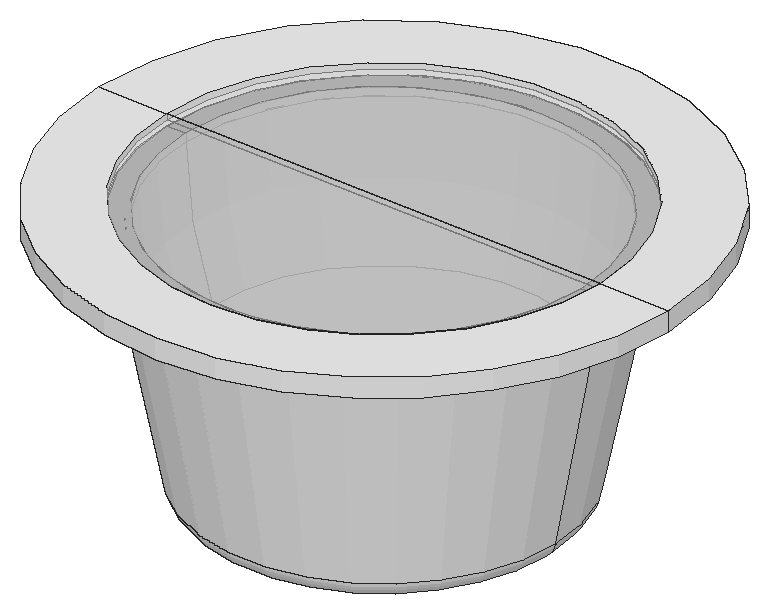
Revit family "2060543+2028036 Sylvania Lighting Fixture ASCENT 100 II ARCH 1000 3K DALI EMG 160 with IP44 Frost Glass", category Lighting Fixtures, host Face, Revit 2016
Family settings
  Host = Face
  Part Type = Normal
  Round Connector Dimension = Use Diameter
  OmniClass Number = 23.80.70.11.17
  OmniClass Title = Specialized Lighting by Location or Use
  Cut with Voids When Loaded = No
  Light Source = Yes
  Shared = No
  Room Calculation Point = No
Parameters (values of type "2060543+2028036 ASCT100 II ARCH 1000 3K DALI EMG 160 with IP44 Frost Glass Emergency mode")
  WidthBezelAcc_SYL = 25.0 mm
  Weight = "1.92 kg"
  Wattage = 1.65741 W
  WarrantyStartDate [instance] = "n/a"
  WarrantyGuarantorParts = "n/a"
  WarrantyDurationUnit = "n/a"
  WarrantyDurationParts = "n/a"
  WarrantyDescription = "n/a"
  built-in parameter 1150110 = 1 (stored number, unit not read)
  Voltage = 0 V
  VisibilityAccessory_SYL = yes
  TypeName = "ASCT100 II ARCH 1000 3K DALI EMG 160 with IP44 Frost Glass Emergency mode"
  built-in parameter 1114217 = 1 (stored number, unit not read)
  Tilt Angle = -90°
  built-in parameter 1150109 = 1 (stored number, unit not read)
  built-in parameter 1150134 = (empty or 0)
  built-in parameter 1150113 = 1 (stored number, unit not read)
  SerialNumber [instance] = "n/a"
  ReflectorRadius_SYL = Radius_SYL - 14.5 mm  # 80.0 mm
  RadiusAcc_SYL = 105.0 mm
  Radius_SYL = 94.5 mm
  URL = "http://www.sylvania-lighting.com"
  PowerFactor = 0
  PowerConsumption = "9 W"
  Photometric Web File = "2060543EM.ies"
  NominalWidth = 0.0 mm
  NominalLength = 0.0 mm
  NominalHeight = 94.0 mm
  Name = "ASCT100 II ARCH 1000 3K DALI EMG 160 with IP44 Frost Glass Emergency mode"
  ModelReference = "ASCT100 II ARCH 1000 3K DALI EMG 160 with IP44 Frost Glass Emergency mode"
  ModelNumber = "2060543+2028036"
  Material_4_SYL = none
  Material_3_SYL = Polycarbonate_Sylvania_Ascent_Clear
  Material_2_SYL = Aluminium_Sylvania_Ascent_Silver
  Material_1_SYL = Aluminum_Sylvania_Ascent_White
  Material = "aluminium housing, arcylic diffuser"
  ManufacturerName = "Feilo Sylvania"
  LuminousEfficacy = "108 lm/W"
  built-in parameter 1150105 = 14.244 (stored number, unit not read)
  Lumens = 179 lm
  LuminaireType = ""
  built-in parameter 1150115 = 1 (stored number, unit not read)
  LightOutputRatio = "100"
  built-in parameter 1150137 = (empty or 0)
  built-in parameter 1150139 = (empty or 0)
  LampsType = Lamp  # "LED"
  LampNominalLuminous = "968 lm"
  LampMacAdamStep = "3"
  LampColourTemperature = "3000 K"
  LampColourRenderingIndex = "80"
  built-in parameter 1150112 = 1 (stored number, unit not read)
  built-in parameter 1150114 = 1 (stored number, unit not read)
  Keynote = "16500"
  InstallationDate [instance] = "n/a"
  InputVoltage = "n/a"
  InputNominalFrequency = "n/a"
  built-in parameter 1150132 = (empty or 0)
  built-in parameter 1150102 = (empty or 0)
  built-in parameter 1150107 = 3000 (stored number, unit not read)
  built-in parameter 1150138 = (empty or 0)
  IngressProtection = "IP44"
  ImpactProtectionIndex = "IK02"
  built-in parameter 1150106 = 0.14244 (stored number, unit not read)
  IfcExportType = "IfcLightFixtureType"
  IfcExportAs = "IfcLightFixtureType"
  Height_SYL = 94.0 mm
  HeightAcc_SYL = 7.0 mm
  ExpectedLife = 50000
  EmittionSurface_SYL = if(VisibilityAccessory_SYL, 7.0 mm, 3.0 mm)  # 7.0 mm
  Emit from Circle Diameter = DiffuserRadius_SYL * 2  # 146.0 mm
  Emit Shape Visible in Rendering = no
  ElectricShockClassification = "Class II"
  built-in parameter 1150104 = 10.034 (stored number, unit not read)
  DurationUnit = "hours"
  DocumentationLiterature = "http://www.sylvania-lighting.com/product/en-int/products/2060543"
  DimmingControlOptions = "n/a"
  Dimming Lamp Color Temperature Shift = <None>
  DiffuserRadius_SYL = ReflectorRadius_SYL - 7.0 mm  # 73.0 mm
  Diameter_SYL = 2 * Radius_SYL  # 189.0 mm
  CutoutDiameter_SYL = Diameter_SYL - 13.0 mm  # 176.0 mm
  CreatedOn = "9/17/2018"
  CreatedBy = "@sylvania-lighting.com"
  Color Filter = 16777215
  built-in parameter 1114216 [instance] = 1 (stored number, unit not read)
  Model = "ASCT100 II ARCH 1000 3K DALI EMG 160 with IP44 Frost Glass Emergency mode"
  Manufacturer = "Feilo Sylvania"
  Lamp = "LED"
  Description = "Direct LED retro fit for original LED 100 Arch (160) single CFL lamp offering Matching lumen levels and improved light distribution of original LED 100 CFL lamp equivalents Typically half the power consumption compared to CFL Up to 112lm/W 160mm aperture Architectural reflector accepts range of glass accessories from existing LED 100 Arch 160 offering HE, HO and VHO versions equivalent of single 1 x 18W, 1 x 32W, 1 x 42W\r\n Additional VVHO versions which offer the performance circa 2 x 32W equivalent"  # constant formula
  Default Elevation = 0.0 mm
  built-in parameter 1140040 [instance] = 1
  BarCode [instance] = "n/a"
  built-in parameter 1114218 = 1 (stored number, unit not read)
  built-in parameter 1150133 = 10 (stored number, unit not read)
  AssetType = "Fixed"
  AssetIdentifier [instance] = "n/a"
  Assembly Code = "D5020200"
  Apparent Load = 1.65741 VA
  Aperture_SYL = 2 * ReflectorRadius_SYL  # 160.0 mm
Types (2, lengths in mm): name | Wattage | TypeName | Photometric Web File | Name | ModelReference | Material_3_SYL | built-in parameter 1150105 | Lumens | built-in parameter 1150106 | Model | Apparent Load
  2060543+2028036 ASCT100 II ARCH 1000 3K DALI EMG 160 with IP44 Frost Glass Emergency mode | 1.65741 W | "ASCT100 II ARCH 1000 3K DALI EMG 160 with IP44 Frost Glass Emergency mode" | "2060543EM.ies" | "ASCT100 II ARCH 1000 3K DALI EMG 160 with IP44 Frost Glass Emergency mode" | "ASCT100 II ARCH 1000 3K DALI EMG 160 with IP44 Frost Glass Emergency mode" | Polycarbonate_Sylvania_Ascent_Clear | 14.244 (stored number, unit not read) | 179 lm | 0.14244 (stored number, unit not read) | "ASCT100 II ARCH 1000 3K DALI EMG 160 with IP44 Frost Glass Emergency mode" | 1.65741 VA
  2060543+2028036 ASCT100 II ARCH 1000 3K DALI EMG 160 with IP44 Frost Glass | 9 W | "ASCENT 100 II ARCH 1000 3K DALI EMG 160 with IP44 Frost Glass" | "2060543.ies" | "ASCENT 100 II ARCH 1000 3K DALI EMG 160 with IP44 Frost Glass" | "ASCENT 100 II ARCH 1000 3K DALI EMG 160 with IP44 Frost Glass" | Polycarbonate_Sylvania_Ascent_Opal | 77.349 (stored number, unit not read) | 972 lm | 0.77349 (stored number, unit not read) | "ASCENT 100 II ARCH 1000 3K DALI EMG 160 with IP44 Frost Glass" | 9 VA
Reference planes
  plane 1 "Center (Front/Back)": y = 0
  plane 2: z = 0
  plane 3 "Center (Left/Right)": x = 0
  plane 4 "Fixture Bottom": z = 3
  plane 5: z = -52.5
  plane 6 "Fixture Top": z = -91
  plane 7: x = -105
  plane 8: z = 7
  plane 9: x = -80
  plane 10: z = 5
  plane 11: x = -103
Forms (mm)
  Extrusion 1, solid, material "Aluminum_Sylvania_Ascent_White", detail levels fine
    sketch origin (0, 0, 0) x (1, 0, 0) y (0, 1, 0)
      loop
        circle (0, 0) r 94.5
      loop
        circle (0, 0) r 80
    from 0 to 3
  Extrusion 2, void
    sketch origin (0, 0, 0) x (1, 0, 0) y (0, 1, 0)
      loop
        circle (0, 0) r 88
    from -91 to 3
  Revolve 3, solid, material "Aluminum_Sylvania_Ascent_White" <- "Material_1_SYL", detail levels fine
    sketch origin (0, 0, 0) x (1, 0, 0) y (0, 0, 1)
      loop
        line (0, -91.073) -> (0, -89.023) -> (-55.468, -89.014)
        arc (-55.468, -89.014) -> (-59.352, -87.613) -> (-61.54, -84.139) r 6.307
        line (-61.54, -84.139) -> (-77.991, -2.844) -> (-77.991, 0) -> (-80, 0) -> (-80, -3) -> (-63.5, -84.536)
        arc (-63.5, -84.536) -> (-60.643, -89.203) -> (-55.5, -91.073) r 8.291
        line (-55.5, -91.073) -> (0, -91.073)
      axis (0, 0) -> (0, -91.073)
    angle from 0 to 360
  Revolve 4, solid, material "Aluminium_Sylvania_Ascent_Silver" <- "Material_2_SYL", detail levels fine
    sketch origin (0, 0, 0) x (1, 0, 0) y (0, 0, 1)
      loop
        line (-80, 3) -> (-80, 0) -> (-75, 0)
        arc (-75, 0) -> (-72.349, -26.77) -> (-64.5, -52.5) r 136.5
        line (-64.5, -52.5) -> (-58, -52.5)
        arc (-58, -52.5) -> (-56.857, -61.521) -> (-53.5, -69.971) r 36.166
        line (-53.5, -69.971) -> (0, -69.971) -> (0, -50.5) -> (-63.16, -50.5)
        arc (-63.16, -50.5) -> (-70.517, -25.725) -> (-73, 0) r 134.5
        line (-73, 0) -> (-73, 3) -> (-80, 3)
      axis (0, 3) -> (0, -69.971)
    angle from 0 to 360
  Extrusion 5, solid, material "Polycarbonate_Sylvania_Ascent_Clear" <- "Material_3_SYL", detail levels fine
    sketch origin (0, 0, 0) x (1, 0, 0) y (0, 1, 0)
      loop
        circle (0, 0) r 73
    from 0 to 3
  Revolve 6, solid, material "Aluminum_Sylvania_Ascent_White" <- "Material_1_SYL", detail levels coarse+medium
    sketch origin (0, 0, 0) x (1, 0, 0) y (0, 0, 1)
      loop
        line (0, -91.073) -> (0, 3) -> (-94.5, 3) -> (-94.5, 0) -> (-79.5, 0) -> (-79.5, -3) -> (-63, -84.536)
        arc (-63, -84.536) -> (-60.143, -89.203) -> (-55, -91.073) r 8.291
        line (-55, -91.073) -> (0, -91.073)
      axis (0, 3) -> (0, -91.073)
    angle from 0 to 360
  Revolve 7, solid, material "Aluminum_Sylvania_Ascent_White" <- "Material_1_SYL", visible <- "VisibilityAccessory_SYL"
    sketch origin (0, 0, 0) x (1, 0, 0) y (0, 0, 1)
      loop
        line (-105, 0) -> (-103, 0) -> (-103, 5) -> (-80, 5) -> (-80, 7) -> (-105, 7) -> (-105, 0)
      axis (0, 7) -> (0, 0)
    angle from 0 to 360
  Revolve 8, solid, material "Polycarbonate_Sylvania_Ascent_Clear" <- "Material_3_SYL", visible <- "VisibilityAccessory_SYL"
    sketch origin (0, 0, 0) x (1, 0, 0) y (0, 0, 1)
      loop
        line (-80, 7) -> (-80, 5) -> (0, 5) -> (0, 7) -> (-80, 7)
      axis (0, 7) -> (0, 5)
    angle from 0 to 360
Lines and regions (mm)
  reference lines
    curve 1: line (-150, 0, 7) -> (125, 0, 7)
Dimensions and locks
  locked: plane 4 "Fixture Bottom" to plane 2 at 3
  "Height_SYL": plane 4 "Fixture Bottom" to plane 6 "Fixture Top"
  "ReflectorRadius_SYL": plane 3 "Center (Left/Right)" to Revolve 4 sketch curve
  locked: Revolve 4 sketch curve to Revolve 4 sketch curve at 15.5
  locked: Revolve 4 sketch curve to Revolve 4 sketch curve at 5
  locked: Revolve 4 sketch curve to Revolve 4 sketch curve at 7
  locked: Revolve 4 sketch curve to Revolve 4 sketch curve at 22
  locked: Revolve 4 sketch curve to Revolve 4 sketch curve at 26.5
  locked: Revolve 3 sketch curve to Revolve 3 sketch curve at 16.5
  locked: Revolve 3 sketch curve to Revolve 3 sketch curve at 24.5
  "ReflectorRadius_SYL": Revolve 3 sketch curve to plane 3 "Center (Left/Right)"
  locked: Revolve 3 sketch curve to plane 6 "Fixture Top" at 6.464
  locked: plane 2 to Revolve 3 sketch curve at 3
  locked: Revolve 3 sketch curve to Revolve 3 sketch curve at 2
  locked: Revolve 3 sketch curve to Revolve 3 sketch curve at 2.009
  locked: plane 2 to plane 5 at 52.5
  locked: Revolve 6 sketch curve to Revolve 6 sketch curve at 31.5
  locked: Revolve 6 sketch curve to Revolve 6 sketch curve at 39.5
  locked: Revolve 6 sketch curve to Revolve 6 sketch curve at 15
  "Radius_SYL": plane 3 "Center (Left/Right)" to Revolve 6 sketch curve
  "RadiusAcc_SYL": plane 3 "Center (Left/Right)" to plane 7
  "HeightAcc_SYL": plane 8 to level
  "WidthBezelAcc_SYL": plane 7 to plane 9
  locked: plane 7 to plane 11 at 2
  locked: plane 8 to plane 10 at 2
  "EmittionSurface_SYL": curve 1 to level
  "CutoutDiameter_SYL": diameter of Extrusion 2 sketch curve
  "ReflectorRadius_SYL": radius of Extrusion 1 sketch curve
  "DiffuserRadius_SYL": radius of Extrusion 5 sketch curve
  "Radius_SYL": radius of Extrusion 1 sketch curve
  aligned and locked: host face to plane 2
  aligned and locked: host face to level
  aligned and locked: plane 4 "Fixture Bottom" to Extrusion 1
  aligned and locked: Extrusion 1 to plane 2
  aligned and locked: Revolve 3 sketch curve to plane 3 "Center (Left/Right)"
  aligned and locked: Revolve 4 sketch curve to plane 3 "Center (Left/Right)"  (x2)
  aligned and locked: plane 4 "Fixture Bottom" to Revolve 4 sketch curve
  aligned and locked: Extrusion 5 to plane 2
  aligned and locked: plane 2 to Revolve 3 sketch curve  (x2)
  aligned and locked: Revolve 6 sketch curve to plane 3 "Center (Left/Right)"
  aligned and locked: plane 6 "Fixture Top" to Extrusion 2
  aligned and locked: Revolve 7 sketch curve to plane 3 "Center (Left/Right)"
  aligned and locked: host face to Revolve 7 sketch curve  (x2)
  aligned and locked: Revolve 7 sketch curve to plane 7
  aligned and locked: plane 8 to Revolve 7 sketch curve
  aligned and locked: plane 9 to Revolve 7 sketch curve
  aligned and locked: Revolve 7 sketch curve to plane 10
  aligned and locked: plane 11 to Revolve 7 sketch curve
  aligned and locked: Revolve 7 to Revolve 8 sketch curve
  aligned and locked: Revolve 8 sketch curve to Revolve 7  (x2)
  aligned and locked: Revolve 8 sketch curve to plane 3 "Center (Left/Right)"  (x2)
  aligned and locked: plane 3 "Center (Left/Right)" to imposter light
  aligned and locked: imposter light to plane 1 "Center (Front/Back)"
  aligned and locked: imposter light to curve 1
Automatic sketch dimensions
  plane 1 "Center (Front/Back)" to Extrusion 2 sketch curve = 0.0 mm
  Extrusion 2 sketch curve to plane 3 "Center (Left/Right)" = 0.0 mm
  Extrusion 1 sketch curve to Extrusion 1 sketch curve = 0.0 mm  (x2)
  plane 1 "Center (Front/Back)" to Extrusion 1 sketch curve = 0.0 mm
  Extrusion 1 sketch curve to plane 3 "Center (Left/Right)" = 0.0 mm
  plane 6 "Fixture Top" to Revolve 3 sketch curve = 0.073 mm
  Revolve 3 sketch curve to plane 6 "Fixture Top" = 6.861 mm
  Revolve 3 sketch curve to Revolve 3 sketch curve = 0.003 mm
  Revolve 3 sketch curve to Revolve 3 sketch curve = 0.009 mm  (x2)
  Revolve 3 sketch curve to Revolve 3 sketch curve = 0.023 mm
  Revolve 3 sketch curve to Revolve 3 sketch curve = 0.072 mm
  Revolve 3 sketch curve to Revolve 3 sketch curve = 0.008 mm
  Revolve 3 sketch curve to plane 6 "Fixture Top" = 1.977 mm
  Revolve 3 sketch curve to Revolve 3 sketch curve = 33.496 mm
  Revolve 3 sketch curve to Revolve 3 sketch curve = 0.028 mm
  plane 4 "Fixture Bottom" to Revolve 3 sketch curve = 82.431 mm
  Revolve 4 sketch curve to Revolve 4 sketch curve = 0.0 mm  (x2)
  Revolve 4 sketch curve to plane 5 = 0.0 mm
  Revolve 4 sketch curve to level = 0.0 mm
  plane 5 to Revolve 4 sketch curve = 2.0 mm
  plane 4 "Fixture Bottom" to Revolve 4 sketch curve = 9.642 mm
  plane 1 "Center (Front/Back)" to Extrusion 5 sketch curve = 0.0 mm
  Extrusion 5 sketch curve to plane 3 "Center (Left/Right)" = 0.0 mm
  Revolve 4 sketch curve to level = 69.971 mm
  Revolve 4 sketch curve to Revolve 4 sketch curve = 2.387 mm
  Revolve 6 sketch curve to level = 0.0 mm
  Revolve 6 sketch curve to plane 3 "Center (Left/Right)" = 0.0 mm
  Revolve 6 sketch curve to Revolve 6 sketch curve = 8.104 mm
  Revolve 6 sketch curve to level = 3.0 mm
  Revolve 6 sketch curve to plane 6 "Fixture Top" = 6.464 mm
  plane 6 "Fixture Top" to Revolve 6 sketch curve = 0.073 mm
  Revolve 6 sketch curve to Revolve 6 sketch curve = 33.496 mm
  plane 4 "Fixture Bottom" to Revolve 6 sketch curve = 82.431 mm
  host sketch curve to host sketch curve = 1704.996 mm
  host sketch curve to host sketch curve = 1500.0 mm
  plane 6 "Fixture Top" to Revolve 7 sketch curve = 281.274 mm
  Revolve 7 sketch curve to plane 8 = 1140.706 mm
  plane 6 "Fixture Top" to Revolve 8 sketch curve = 281.274 mm
  Revolve 8 sketch curve to Revolve 8 sketch curve = 1140.706 mm
  Revolve 3 sketch curve to plane 3 "Center (Left/Right)" = 0.0 mm
  Revolve 6 sketch curve to plane 4 "Fixture Bottom" = 0.0 mm
  plane 7 to curve 1 = 45.0 mm
  plane 3 "Center (Left/Right)" to curve 1 = 125.0 mm
Connectors
  electrical at (0, 0, -91.073), driven by "Apparent Load"
    settings: on Revolve 3, index 1, voltage 240 V, apparent load 0 VA, apparent load phase1 1.65741 VA, apparent load phase2 0 VA, apparent load phase3 0 VA, power factor 1, load classification "Lighting", number of poles 1, system type 31, power factor state 1, is connector primary yes, connector utility no, sub classification motor no, connector description ""
